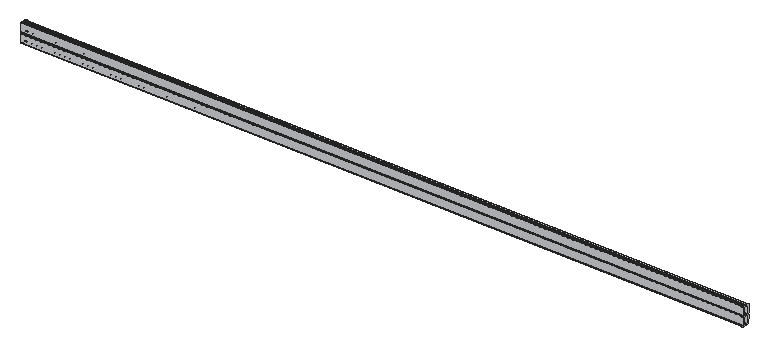
Revit family "Montageschiene 45-150-3,0 D  6m fsv Langloch 2D", category HLS-Bauteile, Revit 2023
Family settings
  Bemaßung runder Anschluss = Durchmesser verwenden
  Teiletyp = Normal
  Arbeitsebenenbasiert = Ja
  Immer vertikal = Nein
  Beim Laden mit Abzugskörper schneiden = Nein
  Beschriftungsausrichtung beibehalten = Nein
  Gemeinsam genutzt = Ja
  Raumberechnungspunkt = Nein
Parameters
  vpe = "24"
  Widerstandsmoment Wz = "19.47 cm³"
  Widerstandsmoment Wy = "31.10 cm³"
  Default Elevation = 1219.2 mm
  Trägheitsradius iz = "3.85 cm"
  Trägheitsradius iy = "4.53 cm"
  Torsionswiderstandsmoment Wt = " cm³"
  Stärke = 3 mm
  Streckgrenze = "235 N/mm²"
  Schwerpunktabstand ez = "2.25 cm"
  Schwerpunktabstand eu = "7.50 cm"
  Schwerpunktabstand eo = "7.50 cm"
  Schlitzbreite = "22 mm"
  Regelhalter [instance] = ""
  Profiltyp = "45/150"
  Profil = "Doppel-C-Profil"
  Oberflaeche = "feuerstückverzinkt"
  Montagelänge [instance] = 6000 mm
  Mengeneinheit = "m"
  Materialname = "S235"
  Material = "Stahl"
  Länge = 6000 mm
  Lochdurchmesser = "18.00 mm"
  Langloch = "14.0 x 45.0 mm"
  Kurztext2 = "45 / 150 / 3 mm L= 6 m fsv"
  Kurztext1 = "Montageschiene C-Profil doppelt"
  Höhe = "150 mm"
  Gewicht pro Stück [instance] = (Gewicht * Montagelänge / (1000 mm * 1000 mm)) * 1000 mm  # 61.44 kg
  Gewicht pro Bauteil [instance] = Gewicht pro Stück  # 61.44 kg
  Gewicht = 10.24 kg
  Gesamtlänge [instance] = Montagelänge  # 6000 mm
  Gesamtgewicht [instance] = Gewicht pro Bauteil  # 61.44 kg
  Fläche (schwächster Profilquerschnitt) = 0.001133 m²
  Firma = "MEFA Befestigungs- und Montagesysteme GmbH"
  Fabrikat = "MEFA"
  Erweiterung Langloch = "18.0 mm"
  EAN = "4250928420824"
  Bund = "96 m"
  Breite = 45 mm
  Artikelnummer = "08225061"
  Anzahl Langloch [instance] = Montagelänge / 105 mm  # 57
  Abmessung = "45/150/3.0 mm"
Reference planes
  plane 1 "Mitte (Vorne/hinten)": y = 0
  plane 2: z = 0
  plane 3 "Mitte (Links/rechts)": x = 0
  plane 4: x = 6000
Forms (mm)
  Extrusion 1, solid, detail levels fine
    sketch origin (0, 0, 0) x (0, 1, 0) y (0, 0, 1)
      loop
        arc (-22.5, 79) -> (-21.328, 76.172) -> (-18.5, 75) r 4
        arc (-18.5, 75) -> (-21.328, 73.828) -> (-22.5, 71) r 4
        line (-22.5, 71) -> (-22.5, 3)
        arc (-22.5, 3) -> (-21.621, 0.879) -> (-19.5, 0) r 3
        line (-19.5, 0) -> (-12, 0)
        arc (-12, 0) -> (-11.293, 0.293) -> (-11, 1) r 1
        line (-11, 1) -> (-11, 7.5) -> (-14, 7.5) -> (-14, 3) -> (-19.5, 3) -> (-19.5, 71)
        arc (-19.5, 71) -> (-19.207, 71.707) -> (-18.5, 72) r 1
        line (-18.5, 72) -> (18.5, 72)
        arc (18.5, 72) -> (19.207, 71.707) -> (19.5, 71) r 1
        line (19.5, 71) -> (19.5, 3) -> (14, 3) -> (14, 7.5) -> (11, 7.5) -> (11, 1)
        arc (11, 1) -> (11.293, 0.293) -> (12, 0) r 1
        line (12, 0) -> (19.5, 0)
        arc (19.5, 0) -> (21.621, 0.879) -> (22.5, 3) r 3
        line (22.5, 3) -> (22.5, 71)
        arc (22.5, 71) -> (21.328, 73.828) -> (18.5, 75) r 4
        arc (18.5, 75) -> (21.328, 76.172) -> (22.5, 79) r 4
        line (22.5, 79) -> (22.5, 147)
        arc (22.5, 147) -> (21.621, 149.121) -> (19.5, 150) r 3
        line (19.5, 150) -> (12, 150)
        arc (12, 150) -> (11.293, 149.707) -> (11, 149) r 1
        line (11, 149) -> (11, 142.5) -> (14, 142.5) -> (14, 147) -> (19.5, 147) -> (19.5, 79)
        arc (19.5, 79) -> (19.207, 78.293) -> (18.5, 78) r 1
        line (18.5, 78) -> (-18.5, 78)
        arc (-18.5, 78) -> (-19.207, 78.293) -> (-19.5, 79) r 1
        line (-19.5, 79) -> (-19.5, 147) -> (-14, 147) -> (-14, 142.5) -> (-11, 142.5) -> (-11, 149)
        arc (-11, 149) -> (-11.293, 149.707) -> (-12, 150) r 1
        line (-12, 150) -> (-19.5, 150)
        arc (-19.5, 150) -> (-21.621, 149.121) -> (-22.5, 147) r 3
        line (-22.5, 147) -> (-22.5, 79)
    from 0 to 6000
  Extrusion 2, solid, detail levels medium
    sketch origin (0, 0, 0) x (0, 1, 0) y (0, 0, 1)
      loop
        line (-22.5, 75) -> (-22.5, 0) -> (-11, 0) -> (-11, 7.5) -> (-14, 7.5) -> (-14, 3) -> (-19.5, 3) -> (-19.5, 72) -> (19.5, 72) -> (19.5, 3) -> (14, 3) -> (14, 7.5) -> (11, 7.5) -> (11, 0) -> (22.5, 0) -> (22.5, 75) -> (22.5, 150) -> (11, 150) -> (11, 142.5) -> (14, 142.5) -> (14, 147) -> (19.5, 147) -> (19.5, 78) -> (-19.5, 78) -> (-19.5, 147) -> (-14, 147) -> (-14, 142.5) -> (-11, 142.5) -> (-11, 150) -> (-22.5, 150) -> (-22.5, 75)
    from 0 to 6000
  Extrusion 3, solid, detail levels coarse
    sketch origin (0, 0, 0) x (0, 1, 0) y (0, 0, 1)
      loop
        line (-22.5, 75) -> (-22.5, 0) -> (22.5, 0) -> (22.5, 75) -> (22.5, 150) -> (-22.5, 150) -> (-22.5, 75)
    from 0 to 6000
Dimensions and locks
  "Montagelänge": plane 4 to plane 3 "Mitte (Links/rechts)"
  equal spacing: group 1, group 2, group 3, group 4, group 5, group 6, group 7, group 8, group 9, group 10, group 11, group 12, group 13, group 14, group 15, group 16, group 17, group 18, group 19, group 20, group 21, group 22, group 23, group 24, group 25, group 26, group 27, group 28, group 29, group 30, group 31, group 32, group 33, group 34, group 35, group 36, group 37, group 38, group 39, group 40, group 41, group 42, group 43, group 44, group 45, group 46, group 47, group 48, group 49, group 50, group 51, group 52, group 53, group 54, group 55, group 56, group 57  (x3)
  aligned and locked: level to plane 2
  aligned and locked: Extrusion 1 to plane 3 "Mitte (Links/rechts)"
  aligned and locked: plane 4 to Extrusion 1
  aligned and locked: Extrusion 1 to plane 4
  aligned and locked: plane 4 to Extrusion 3
  aligned and locked: plane 4 to Extrusion 2
  aligned and locked: plane 3 "Mitte (Links/rechts)" to Extrusion 1
  aligned and locked: Extrusion 3 to plane 3 "Mitte (Links/rechts)"
  aligned and locked: Extrusion 2 to plane 3 "Mitte (Links/rechts)"
  aligned and locked: plane 1 "Mitte (Vorne/hinten)" to nested 1
Automatic sketch dimensions
  Extrusion 1 sketch curve to Extrusion 1 sketch curve = 0 mm  (x19)
  level to Extrusion 1 sketch curve = 75 mm  (x4)
  level to Extrusion 1 sketch curve = 79 mm
  plane 1 "Mitte (Vorne/hinten)" to Extrusion 1 sketch curve = 22.5 mm
  Extrusion 1 sketch curve to Extrusion 1 sketch curve = 3 mm  (x5)
  Extrusion 1 sketch curve to Extrusion 1 sketch curve = 1 mm  (x5)
  Extrusion 1 sketch curve to Extrusion 1 sketch curve = 5.5 mm  (x4)
  Extrusion 1 sketch curve to Extrusion 1 sketch curve = 2 mm  (x3)
  Extrusion 1 sketch curve to plane 1 "Mitte (Vorne/hinten)" = 11 mm  (x2)
  Extrusion 1 sketch curve to plane 1 "Mitte (Vorne/hinten)" = 18.5 mm
  Extrusion 1 sketch curve to Extrusion 1 sketch curve = 63.5 mm  (x2)
  Extrusion 1 sketch curve to Extrusion 1 sketch curve = 4.5 mm  (x4)
  Extrusion 2 sketch curve to Extrusion 2 sketch curve = 3 mm  (x10)
  Extrusion 2 sketch curve to Extrusion 2 sketch curve = 5.5 mm  (x2)
  Extrusion 2 sketch curve to plane 1 "Mitte (Vorne/hinten)" = 11 mm  (x2)
  level to Extrusion 2 sketch curve = 72 mm
  Extrusion 2 sketch curve to plane 1 "Mitte (Vorne/hinten)" = 19.5 mm
  level to Extrusion 2 sketch curve = 78 mm
  Extrusion 2 sketch curve to Extrusion 2 sketch curve = 0 mm  (x3)
  Extrusion 2 sketch curve to Extrusion 2 sketch curve = 64.5 mm  (x2)
  Extrusion 2 sketch curve to Extrusion 2 sketch curve = 4.5 mm  (x4)
  plane 1 "Mitte (Vorne/hinten)" to Extrusion 2 sketch curve = 11 mm  (x2)
  level to Extrusion 2 sketch curve = 75 mm  (x2)
  plane 1 "Mitte (Vorne/hinten)" to Extrusion 3 sketch curve = 22.5 mm
  Extrusion 3 sketch curve to plane 1 "Mitte (Vorne/hinten)" = 22.5 mm
  level to Extrusion 3 sketch curve = 150 mm
  level to Extrusion 3 sketch curve = 75 mm  (x2)
  Extrusion 3 sketch curve to Extrusion 3 sketch curve = 75 mm
Nested families
  nested 1: "Langloch 14 x 45 18 2D" at (52.498, 0, 78), type "Langloch 14 x 45 18 2D", detail levels fine
  nested 2: "Langloch 14 x 45 18 2D" at (157.498, 0, 78), type "Langloch 14 x 45 18 2D", detail levels fine
  nested 3: "Langloch 14 x 45 18 2D" at (262.498, 0, 78), type "Langloch 14 x 45 18 2D", detail levels fine
  nested 4: "Langloch 14 x 45 18 2D" at (367.498, 0, 78), type "Langloch 14 x 45 18 2D", detail levels fine
  nested 5: "Langloch 14 x 45 18 2D" at (472.498, 0, 78), type "Langloch 14 x 45 18 2D", detail levels fine
  nested 6: "Langloch 14 x 45 18 2D" at (577.498, 0, 78), type "Langloch 14 x 45 18 2D", detail levels fine
  nested 7: "Langloch 14 x 45 18 2D" at (682.498, 0, 78), type "Langloch 14 x 45 18 2D", detail levels fine
  nested 8: "Langloch 14 x 45 18 2D" at (787.498, 0, 78), type "Langloch 14 x 45 18 2D", detail levels fine
  nested 9: "Langloch 14 x 45 18 2D" at (892.498, 0, 78), type "Langloch 14 x 45 18 2D", detail levels fine
  nested 10: "Langloch 14 x 45 18 2D" at (997.498, 0, 78), type "Langloch 14 x 45 18 2D", detail levels fine
  nested 11: "Langloch 14 x 45 18 2D" at (1102.498, 0, 78), type "Langloch 14 x 45 18 2D", detail levels fine
  nested 12: "Langloch 14 x 45 18 2D" at (1207.498, 0, 78), type "Langloch 14 x 45 18 2D", detail levels fine
  nested 13: "Langloch 14 x 45 18 2D" at (1312.498, 0, 78), type "Langloch 14 x 45 18 2D", detail levels fine
  nested 14: "Langloch 14 x 45 18 2D" at (1417.498, 0, 78), type "Langloch 14 x 45 18 2D", detail levels fine
  nested 15: "Langloch 14 x 45 18 2D" at (1522.498, 0, 78), type "Langloch 14 x 45 18 2D", detail levels fine
  nested 16: "Langloch 14 x 45 18 2D" at (1627.498, 0, 78), type "Langloch 14 x 45 18 2D", detail levels fine
  nested 17: "Langloch 14 x 45 18 2D" at (1732.498, 0, 78), type "Langloch 14 x 45 18 2D", detail levels fine
  nested 18: "Langloch 14 x 45 18 2D" at (1837.498, 0, 78), type "Langloch 14 x 45 18 2D", detail levels fine
  nested 19: "Langloch 14 x 45 18 2D" at (1942.498, 0, 78), type "Langloch 14 x 45 18 2D", detail levels fine
  nested 20: "Langloch 14 x 45 18 2D" at (2047.498, 0, 78), type "Langloch 14 x 45 18 2D", detail levels fine
  nested 21: "Langloch 14 x 45 18 2D" at (2152.498, 0, 78), type "Langloch 14 x 45 18 2D", detail levels fine
  nested 22: "Langloch 14 x 45 18 2D" at (2257.498, 0, 78), type "Langloch 14 x 45 18 2D", detail levels fine
  nested 23: "Langloch 14 x 45 18 2D" at (2362.498, 0, 78), type "Langloch 14 x 45 18 2D", detail levels fine
  nested 24: "Langloch 14 x 45 18 2D" at (2467.498, 0, 78), type "Langloch 14 x 45 18 2D", detail levels fine
  nested 25: "Langloch 14 x 45 18 2D" at (2572.498, 0, 78), type "Langloch 14 x 45 18 2D", detail levels fine
  nested 26: "Langloch 14 x 45 18 2D" at (2677.498, 0, 78), type "Langloch 14 x 45 18 2D", detail levels fine
  nested 27: "Langloch 14 x 45 18 2D" at (2782.498, 0, 78), type "Langloch 14 x 45 18 2D", detail levels fine
  nested 28: "Langloch 14 x 45 18 2D" at (2887.498, 0, 78), type "Langloch 14 x 45 18 2D", detail levels fine
  nested 29: "Langloch 14 x 45 18 2D" at (2992.498, 0, 78), type "Langloch 14 x 45 18 2D", detail levels fine
  nested 30: "Langloch 14 x 45 18 2D" at (3097.498, 0, 78), type "Langloch 14 x 45 18 2D", detail levels fine
  nested 31: "Langloch 14 x 45 18 2D" at (3202.498, 0, 78), type "Langloch 14 x 45 18 2D", detail levels fine
  nested 32: "Langloch 14 x 45 18 2D" at (3307.498, 0, 78), type "Langloch 14 x 45 18 2D", detail levels fine
  nested 33: "Langloch 14 x 45 18 2D" at (3412.498, 0, 78), type "Langloch 14 x 45 18 2D", detail levels fine
  nested 34: "Langloch 14 x 45 18 2D" at (3517.498, 0, 78), type "Langloch 14 x 45 18 2D", detail levels fine
  nested 35: "Langloch 14 x 45 18 2D" at (3622.498, 0, 78), type "Langloch 14 x 45 18 2D", detail levels fine
  nested 36: "Langloch 14 x 45 18 2D" at (3727.498, 0, 78), type "Langloch 14 x 45 18 2D", detail levels fine
  nested 37: "Langloch 14 x 45 18 2D" at (3832.498, 0, 78), type "Langloch 14 x 45 18 2D", detail levels fine
  nested 38: "Langloch 14 x 45 18 2D" at (3937.498, 0, 78), type "Langloch 14 x 45 18 2D", detail levels fine
  nested 39: "Langloch 14 x 45 18 2D" at (4042.498, 0, 78), type "Langloch 14 x 45 18 2D", detail levels fine
  nested 40: "Langloch 14 x 45 18 2D" at (4147.498, 0, 78), type "Langloch 14 x 45 18 2D", detail levels fine
  nested 41: "Langloch 14 x 45 18 2D" at (4252.498, 0, 78), type "Langloch 14 x 45 18 2D", detail levels fine
  nested 42: "Langloch 14 x 45 18 2D" at (4357.498, 0, 78), type "Langloch 14 x 45 18 2D", detail levels fine
  nested 43: "Langloch 14 x 45 18 2D" at (4462.498, 0, 78), type "Langloch 14 x 45 18 2D", detail levels fine
  nested 44: "Langloch 14 x 45 18 2D" at (4567.498, 0, 78), type "Langloch 14 x 45 18 2D", detail levels fine
  nested 45: "Langloch 14 x 45 18 2D" at (4672.498, 0, 78), type "Langloch 14 x 45 18 2D", detail levels fine
  nested 46: "Langloch 14 x 45 18 2D" at (4777.498, 0, 78), type "Langloch 14 x 45 18 2D", detail levels fine
  nested 47: "Langloch 14 x 45 18 2D" at (4882.498, 0, 78), type "Langloch 14 x 45 18 2D", detail levels fine
  nested 48: "Langloch 14 x 45 18 2D" at (4987.498, 0, 78), type "Langloch 14 x 45 18 2D", detail levels fine
  nested 49: "Langloch 14 x 45 18 2D" at (5092.498, 0, 78), type "Langloch 14 x 45 18 2D", detail levels fine
  nested 50: "Langloch 14 x 45 18 2D" at (5197.498, 0, 78), type "Langloch 14 x 45 18 2D", detail levels fine
  nested 51: "Langloch 14 x 45 18 2D" at (5302.498, 0, 78), type "Langloch 14 x 45 18 2D", detail levels fine
  nested 52: "Langloch 14 x 45 18 2D" at (5407.498, 0, 78), type "Langloch 14 x 45 18 2D", detail levels fine
  nested 53: "Langloch 14 x 45 18 2D" at (5512.498, 0, 78), type "Langloch 14 x 45 18 2D", detail levels fine
  nested 54: "Langloch 14 x 45 18 2D" at (5617.498, 0, 78), type "Langloch 14 x 45 18 2D", detail levels fine
  nested 55: "Langloch 14 x 45 18 2D" at (5722.498, 0, 78), type "Langloch 14 x 45 18 2D", detail levels fine
  nested 56: "Langloch 14 x 45 18 2D" at (5827.498, 0, 78), type "Langloch 14 x 45 18 2D", detail levels fine
  nested 57: "Langloch 14 x 45 18 2D" at (5932.498, 0, 78), type "Langloch 14 x 45 18 2D", detail levels fine
Definition of nested family "Langloch 14 x 45 18 2D"
  Parameters (values of type "Langloch 14 x 45 18 2D")
    Default Elevation = 1219.2 mm
  Reference planes
    plane 1 "Mitte (Vorne/hinten)": y = 0
    plane 2: z = 0
    plane 3 "Mitte (Links/rechts)": x = 0
  Forms (mm)
    Extrusion 1, solid
      sketch origin (0, 0, 0) x (1, 0, 0) y (0, 1, 0)
        loop
          line (-1219.2, 1219.2) -> (-1219.2, -1219.2) -> (1219.2, -1219.2) -> (1219.2, 1219.2) -> (-1219.2, 1219.2)
      from 0 to -304.8
  Lines and regions (mm)
    model lines
      curve 1: line (-15.498, 7, 0) -> (-5.645, 7, 0)
      curve 2: line (-15.498, -7, 0) -> (-5.645, -7, 0)
      curve 3: arc (15.692, 6.997, 0) -> (22.502, 0, 0) -> (15.692, -6.997, 0) r 7
      curve 6: arc (-15.498, 7, 0) -> (-22.498, 0, 0) -> (-15.498, -7, 0) r 7
      curve 7: line (-15.692, 7.5, 0) -> (-15.692, -7.5, 0)
      curve 8: line (-24.531, 0, 0) -> (24.555, 0, 0)
      curve 9: circle (52.502, 0, 0) r 9 normal (0, 0, 1)
      curve 10: line (52.502, 11, 0) -> (52.502, -11, 0)
      curve 12: line (42.937, 0, 0) -> (62.034, 0, 0)
      curve 13: arc (5.672, 6.997, 0) -> (0.014, 9, 0) -> (-5.645, 7, 0) r 9
      curve 14: line (15.692, 6.997, 0) -> (5.672, 6.997, 0)
      curve 15: line (15.692, -6.997, 0) -> (5.672, -6.997, 0)
      curve 16: arc (5.672, -6.997, 0) -> (0.014, -9, 0) -> (-5.645, -7, 0) r 9
      curve 17: line (0, 11, 0) -> (0, -11, 0)
      curve 19: line (15, 7.5, 0) -> (15, -7.5, 0)
    model lines, detail levels fine
      curve 4: line (-15.692, 0, 10) -> (-15.692, 0, -10)
      curve 5: line (15.692, 0, 10) -> (15.692, 0, -10)
      curve 11: line (52.502, 0, 10) -> (52.502, 0, -10)
      curve 18: line (0.014, 0, 10) -> (0.014, 0, -10)
  Dimensions and locks
    aligned and locked: plane 2 to Extrusion 1
    aligned and locked: level to Extrusion 1
    aligned and locked: curve 17 to plane 3 "Mitte (Links/rechts)"
